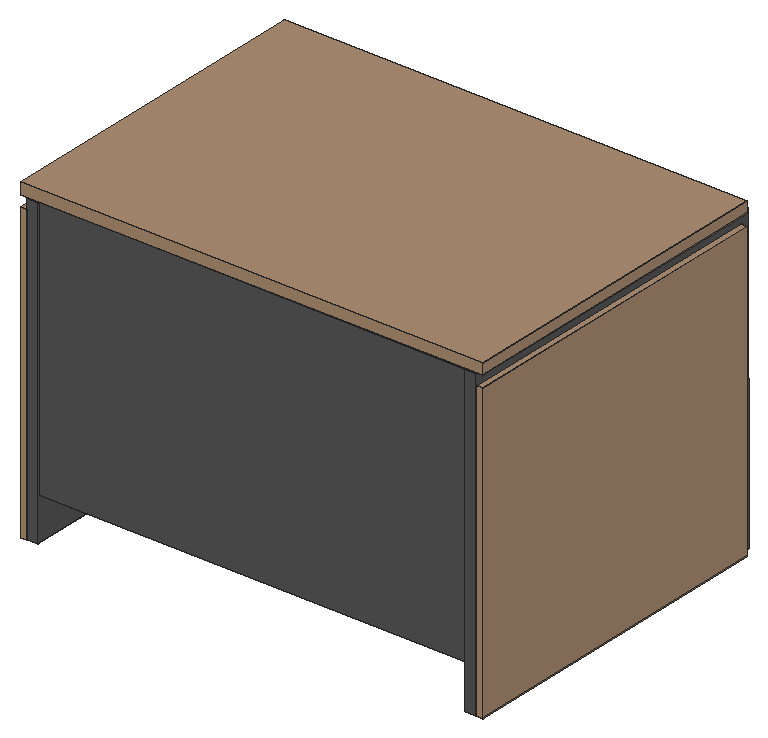
Revit family "Sanitary_Compound-Units_hansgrohe_54257XXX-Xilesa-E-Vanity-unit_680-470_1-drawer_wash-basin", category Furniture, host Face, Revit 2022
Family settings
  Host = Face
  OmniClass Number = 23.21.19.15.33.13
  OmniClass Title = Residential Bathroom Specialty Casework
  Cut with Voids When Loaded = No
  Render Appearance Source = Family Geometry
  Shared = No
  Room Calculation Point = No
Parameters (values of type "550 Cashmere Oak")
  Version = 1  # constant formula
  URL = "https://www.hansgrohe.com/"
  Product data url = "https://www.bimobject.com/en/hansgrohe/product/54257XXX"
  Product Page URL = "https://www.hansgrohe.com/articledetail--54257550"
  Model = "54257XXX"  # constant formula
  Material 3 = Hansgrohe - Metal - Black
  Material 2 = Hansgrohe - MDF - Matt Black
  Material 1 = Hansgrohe - MDF - 550 Cashmere Oak
  Manufacturer = "Hansgrohe"  # constant formula
  Height = 0 mm
  Description = "Xilesa E Vanity unit 680/470 with 1 drawer for wash basin"  # constant formula
  Default Elevation = 0 mm
  Date Updated = ""
  Date Created = "2024/02/03"  # constant formula
Types (5, lengths in mm): name | Material 1
  (no name) | Hansgrohe - MDF - 550 Cashmere Oak
  550 Cashmere Oak | Hansgrohe - MDF - 550 Cashmere Oak
  700 Matt White | Hansgrohe - MDF - 700 Matt White
  760 Slate Matt Grey | Hansgrohe - MDF - 760 Slate Matt Grey
  780 Sand Matt Beige | Hansgrohe - MDF - 780 Sand Matt Beige
Reference planes
  plane 1 "Center (Front/Back)": y = 0
  plane 2: z = 0
  plane 3 "Center (Left/Right)": x = 0
  plane 4: x = -340
  plane 5: x = 340
  plane 6: y = -500
  plane 7: z = 468
Dimensions and locks
  aligned and locked: plane 2 to host face
  aligned and locked: level to host face
Nested families
  nested 1: "54257XXX" at (0, -500, 0) x (1, 0, 0) z (0, 1, 0), Material 1 <- "Material 1", Material 2 <- "Material 2", Material 3 <- "Material 3", type "54257XXX"
    with Material 3 Hansgrohe - Metal - Black, Material 2 Hansgrohe - MDF - Matt Black, Material 1 Hansgrohe - MDF - 550 Cashmere Oak
Definition of nested family "54257XXX"
  Parameters (values of type "54257XXX")
    Version = 1  # constant formula
    URL = "https://www.hansgrohe.com/"
    Product data url = "https://www.bimobject.com/en/hansgrohe/product/54257XXX"
    Product Page URL = "https://www.hansgrohe.com/articledetail--54257550"
    Model = "54257XXX"  # constant formula
    Material 3 [instance] = none
    Material 2 [instance] = none
    Material 1 [instance] = none
    Manufacturer = "Hansgrohe"  # constant formula
    Description = "Xilesa E Vanity unit 680/470 with 1 drawer for wash basin"  # constant formula
    Default Elevation = 1219.2 mm
    Date Updated = ""
    Date Created = "2024/12/16"  # constant formula
  Reference planes
    plane 1 "Center (Front/Back)": y = 0
    plane 2: z = 0
    plane 3 "Center (Left/Right)": x = 0
  Forms (mm)
    Extrusion 1, solid, material <- "Material 1", detail levels medium+fine
      sketch origin (0, 0, 0) x (1, 0, 0) y (0, 1, 0)
        loop
          line (-330.6, 0) -> (-339.2, 0)
          arc (-339.2, 0) -> (-339.766, -0.234) -> (-340, -0.8) r 0.8
          line (-340, -0.8) -> (-340, -433.9)
          arc (-340, -433.9) -> (-339.766, -434.466) -> (-339.2, -434.7) r 0.8
          line (-339.2, -434.7) -> (-330.6, -434.7)
          arc (-330.6, -434.7) -> (-330.034, -434.466) -> (-329.8, -433.9) r 0.8
          line (-329.8, -433.9) -> (-329.8, -0.8)
          arc (-329.8, -0.8) -> (-330.034, -0.234) -> (-330.6, 0) r 0.8
        loop
          arc (330.6, 0) -> (330.034, -0.234) -> (329.8, -0.8) r 0.8
          line (329.8, -0.8) -> (329.8, -433.9)
          arc (329.8, -433.9) -> (330.034, -434.466) -> (330.6, -434.7) r 0.8
          line (330.6, -434.7) -> (339.2, -434.7)
          arc (339.2, -434.7) -> (339.766, -434.466) -> (340, -433.9) r 0.8
          line (340, -433.9) -> (340, -0.8)
          arc (340, -0.8) -> (339.766, -0.234) -> (339.2, 0) r 0.8
          line (339.2, 0) -> (330.6, 0)
      from 0 to 485
    Extrusion 2, solid, material <- "Material 1", detail levels medium+fine
      sketch origin (0, -90, 0) x (1, 0, 0) y (0, 1, 0)
        loop
          line (-339.2, -378) -> (339.2, -378)
          arc (339.2, -378) -> (339.766, -377.766) -> (340, -377.2) r 0.8
          line (340, -377.2) -> (340, -362.5)
          arc (340, -362.5) -> (339.766, -361.934) -> (339.2, -361.7) r 0.8
          line (339.2, -361.7) -> (-339.2, -361.7)
          arc (-339.2, -361.7) -> (-339.766, -361.934) -> (-340, -362.5) r 0.8
          line (-340, -362.5) -> (-340, -377.2)
          arc (-340, -377.2) -> (-339.766, -377.766) -> (-339.2, -378) r 0.8
      from 0 to 485
    Extrusion 3, solid, material <- "Material 2", detail levels medium+fine
      sketch origin (0, 0, 0) x (1, 0, 0) y (0, 1, 0)
        loop
          line (-329.8, -0.8) -> (-329.8, -448.9)
          arc (-329.8, -448.9) -> (-329.566, -449.466) -> (-329, -449.7) r 0.8
          line (-329, -449.7) -> (-314.6, -449.7)
          arc (-314.6, -449.7) -> (-314.034, -449.466) -> (-313.8, -448.9) r 0.8
          line (-313.8, -448.9) -> (-313.8, -0.8)
          arc (-313.8, -0.8) -> (-314.034, -0.234) -> (-314.6, 0) r 0.8
          line (-314.6, 0) -> (-329, 0)
          arc (-329, 0) -> (-329.566, -0.234) -> (-329.8, -0.8) r 0.8
        loop
          arc (329.8, -0.8) -> (329.566, -0.234) -> (329, 0) r 0.8
          line (329, 0) -> (314.6, 0)
          arc (314.6, 0) -> (314.034, -0.234) -> (313.8, -0.8) r 0.8
          line (313.8, -0.8) -> (313.8, -448.9)
          arc (313.8, -448.9) -> (314.034, -449.466) -> (314.6, -449.7) r 0.8
          line (314.6, -449.7) -> (329, -449.7)
          arc (329, -449.7) -> (329.566, -449.466) -> (329.8, -448.9) r 0.8
          line (329.8, -448.9) -> (329.8, -0.8)
      from 0 to 500
    Extrusion 4, solid, material <- "Material 2", detail levels fine
      sketch origin (0, 0, 0) x (1, 0, 0) y (0, 1, 0)
        loop
          line (-313.8, -65.2) -> (-313.8, -81.2) -> (313.8, -81.2) -> (313.8, -65.2) -> (-313.8, -65.2)
      from 17 to 125
    Extrusion 5, solid, material <- "Material 2", detail levels fine
      sketch origin (0, 0, 0) x (1, 0, 0) y (0, 1, 0)
        loop
          line (-313.8, -64.7) -> (-313.8, -449.7) -> (313.8, -449.7) -> (313.8, -64.7) -> (-313.8, -64.7)
      from 1 to 17
    Extrusion 6, solid, material <- "Material 3", detail levels fine
      sketch origin (0, -90, 0) x (1, 0, 0) y (0, 1, 0)
        loop
          line (-312.3, -356.9) -> (-312.3, -329.2) -> (-313.8, -329.2) -> (-313.8, -356.9)
          arc (-313.8, -356.9) -> (-313.126, -358.527) -> (-311.5, -359.2) r 2.3
          line (-311.5, -359.2) -> (311.5, -359.2)
          arc (311.5, -359.2) -> (313.126, -358.527) -> (313.8, -356.9) r 2.3
          line (313.8, -356.9) -> (313.8, -329.2) -> (312.3, -329.2) -> (312.3, -356.9)
          arc (312.3, -356.9) -> (312.066, -357.466) -> (311.5, -357.7) r 0.8
          line (311.5, -357.7) -> (-311.5, -357.7)
          arc (-311.5, -357.7) -> (-312.066, -357.466) -> (-312.3, -356.9) r 0.8
      from 449.5 to 499.5
    Extrusion 7, solid, material <- "Material 2", detail levels fine
      sketch origin (0, 0, 1) x (1, 0, 0) y (0, 0, 1)
        loop
          line (-272.898, 33.98) -> (272.898, 33.98) -> (272.898, 48.98) -> (-272.898, 48.98) -> (-272.898, 33.98)
      from 109.4 to 451.7
    Extrusion 8, solid, material <- "Material 3", detail levels fine
      sketch origin (100, 0, 1) x (1, 0, 0) y (0, 0, 1)
        loop
          line (198.3, 213.03) -> (198.3, 231.03) -> (183.3, 231.03) -> (183.3, 224.03) -> (192.95, 224.03) -> (192.95, 213.03) -> (198.3, 213.03)
      from 88.7 to 362.7
    Extrusion 9, solid, material <- "Material 3", detail levels fine
      sketch origin (100, 0, 1) x (1, 0, 0) y (0, 0, 1)
        loop
          line (200.05, 211.28) -> (200.05, 232.78) -> (181.55, 232.78) -> (181.55, 211.28) -> (200.05, 211.28)
      from 451.7 to 362.7
    Extrusion 10, solid, material <- "Material 3", detail levels fine
      sketch origin (0, 0, 1) x (1, 0, 0) y (0, 0, 1)
        loop
          line (-292.5, 223.8) -> (-292.5, 113.608) -> (-298.2, 97.947) -> (-298.2, 48) -> (-269.9, 48) -> (-269.9, 223.8) -> (-292.5, 223.8)
        loop
          line (292.5, 223.8) -> (269.9, 223.8) -> (269.9, 48) -> (298.2, 48) -> (298.2, 97.947) -> (292.5, 113.608) -> (292.5, 223.8)
      from 91.9 to 109.4
    Extrusion 11, void
      sketch origin (0, 0, 1) x (1, 0, 0) y (0, 0, 1)
        loop
          line (-291.5, 222.8) -> (-291.5, 113.431) -> (-297.2, 97.771) -> (-297.2, 49) -> (-270.9, 49) -> (-270.9, 222.8) -> (-291.5, 222.8)
        loop
          line (291.5, 222.8) -> (270.9, 222.8) -> (270.9, 49) -> (297.2, 49) -> (297.2, 97.771) -> (291.5, 113.431) -> (291.5, 222.8)
      from 91.9 to 108.7
    Extrusion 12, solid, material <- "Material 2", detail levels fine
      sketch origin (0, 0, 1) x (0, 1, 0) y (0, 0, 1)
        loop
          line (-92.7, 32.5) -> (-92.7, 113.5)
          arc (-92.7, 113.5) -> (-92.847, 113.854) -> (-93.2, 114) r 0.5
          line (-93.2, 114) -> (-108.2, 114)
          arc (-108.2, 114) -> (-108.554, 113.854) -> (-108.7, 113.5) r 0.5
          line (-108.7, 113.5) -> (-108.7, 32.5)
          arc (-108.7, 32.5) -> (-108.554, 32.146) -> (-108.2, 32) r 0.5
          line (-108.2, 32) -> (-93.2, 32)
          arc (-93.2, 32) -> (-92.847, 32.146) -> (-92.7, 32.5) r 0.5
      from -270 to 270
    Extrusion 13, solid, material <- "Material 3", detail levels fine
      sketch origin (-100, 0, 1) x (-1, 0, 0) y (0, 0, -1)
        loop
          line (198.3, -213.03) -> (192.95, -213.03) -> (192.95, -224.03) -> (183.3, -224.03) -> (183.3, -231.03) -> (198.3, -231.03) -> (198.3, -213.03)
      from 88.7 to 362.7
    Extrusion 14, solid, material <- "Material 3", detail levels fine
      sketch origin (-100, 0, 1) x (-1, 0, 0) y (0, 0, -1)
        loop
          line (200.05, -211.28) -> (181.55, -211.28) -> (181.55, -232.78) -> (200.05, -232.78) -> (200.05, -211.28)
      from 451.7 to 362.7
    Extrusion 15, solid, material <- "Material 1", detail levels coarse
      sketch origin (0, 0, 0) x (1, 0, 0) y (0, 1, 0)
        loop
          line (-340, -468) -> (340, -468) -> (340, 0) -> (313.8, 0) -> (313.8, -451.7) -> (-313.8, -451.7) -> (-313.8, 0) -> (-340, 0) -> (-340, -468)
      from 0 to 500
    Extrusion 16, solid, material <- "Material 3", detail levels fine
      sketch origin (0, 0, 1) x (1, 0, 0) y (0, 0, 1)
        loop
          line (302.091, 33.98) -> (302.091, 115.48) -> (283.591, 115.48) -> (282.786, 100.114) -> (280.22, 99.98) -> (277.791, 53.623)
          arc (277.791, 53.623) -> (276.271, 50.325) -> (272.898, 48.98) r 4.9
          line (272.898, 48.98) -> (272.898, 33.98) -> (302.091, 33.98)
        loop
          line (-302.091, 33.98) -> (-272.898, 33.98) -> (-272.898, 48.98)
          arc (-272.898, 48.98) -> (-276.271, 50.325) -> (-277.791, 53.623) r 4.9
          line (-277.791, 53.623) -> (-280.22, 99.98) -> (-282.786, 100.114) -> (-283.591, 115.48) -> (-302.091, 115.48) -> (-302.091, 33.98)
      from 109.4 to 451.7
  Cuts and joins
    Extrusion 11 cuts Extrusion 10
  Lines and regions (mm)
    Masking region 1
      outline origin (0, 0, 0) x (1, 0, 0) y (0, 1, 0)
        loop
          line (-340, -0.8) -> (-340, -433.9)
          arc (-340, -433.9) -> (-339.766, -434.466) -> (-339.2, -434.7) r 0.8
          line (-339.2, -434.7) -> (-330.6, -434.7)
          arc (-330.6, -434.7) -> (-330.034, -434.466) -> (-329.8, -433.9) r 0.8
          line (-329.8, -433.9) -> (-329.8, -451.7) -> (-339.2, -451.7)
          arc (-339.2, -451.7) -> (-339.766, -451.934) -> (-340, -452.5) r 0.8
          line (-340, -452.5) -> (-340, -467.2)
          arc (-340, -467.2) -> (-339.766, -467.766) -> (-339.2, -468) r 0.8
          line (-339.2, -468) -> (0, -468) -> (339.2, -468)
          arc (339.2, -468) -> (339.766, -467.766) -> (340, -467.2) r 0.8
          line (340, -467.2) -> (340, -452.5)
          arc (340, -452.5) -> (339.766, -451.934) -> (339.2, -451.7) r 0.8
          line (339.2, -451.7) -> (329.8, -451.7) -> (329.8, -433.9)
          arc (329.8, -433.9) -> (330.034, -434.466) -> (330.6, -434.7) r 0.8
          line (330.6, -434.7) -> (339.2, -434.7)
          arc (339.2, -434.7) -> (339.766, -434.466) -> (340, -433.9) r 0.8
          line (340, -433.9) -> (340, -0.8)
          arc (340, -0.8) -> (339.766, -0.234) -> (339.2, 0) r 0.8
          line (339.2, 0) -> (330.6, 0)
          arc (330.6, 0) -> (330.034, -0.234) -> (329.8, -0.8) r 0.8
          arc (329.8, -0.8) -> (329.566, -0.234) -> (329, 0) r 0.8
          line (329, 0) -> (314.6, 0)
          arc (314.6, 0) -> (314.034, -0.234) -> (313.8, -0.8) r 0.8
          line (313.8, -0.8) -> (313.8, -65.2) -> (0, -65.2) -> (-313.8, -65.2) -> (-313.8, -0.8)
          arc (-313.8, -0.8) -> (-314.034, -0.234) -> (-314.6, 0) r 0.8
          line (-314.6, 0) -> (-329, 0)
          arc (-329, 0) -> (-329.566, -0.234) -> (-329.8, -0.8) r 0.8
          arc (-329.8, -0.8) -> (-330.034, -0.234) -> (-330.6, 0) r 0.8
          line (-330.6, 0) -> (-339.2, 0)
          arc (-339.2, 0) -> (-339.766, -0.234) -> (-340, -0.8) r 0.8
    Masking region 2
      outline origin (0, 0, 0) x (0, 1, 0) y (0, 0, 1)
        loop
          line (-449.7, 500) -> (-449.7, 233.78) -> (-451.7, 233.78) -> (-451.7, 485) -> (-468, 485) -> (-468, 0) -> (-451.7, 0) -> (-451.7, 34.98) -> (-449.7, 34.98) -> (-449.7, 0) -> (0, 0) -> (0, 500) -> (-449.7, 500)
    Masking region 3
      outline origin (0, 0, 0) x (1, 0, 0) y (0, 0, 1)
        loop
          line (-340, 485) -> (-340, 0) -> (0, 0) -> (340, 0) -> (340, 485) -> (329.8, 485) -> (329.8, 500) -> (0, 500) -> (-329.8, 500) -> (-329.8, 485) -> (-340, 485)
    symbolic lines, detail levels medium+fine
      curve 1: line (-329.8, -451.7, 0) -> (0, -451.7, 0)
      curve 2: line (-313.8, -65.2, 0) -> (-313.8, -451.7, 0)
      curve 3: line (-329.8, -0.8, 0) -> (-329.8, -433.9, 0)
      curve 4: line (-313.8, -81.2, 0) -> (0, -81.2, 0)
      curve 25: line (329.8, -451.7, 0) -> (0, -451.7, 0)
      curve 26: line (313.8, -65.2, 0) -> (313.8, -451.7, 0)
      curve 27: line (329.8, -0.8, 0) -> (329.8, -433.9, 0)
      curve 28: line (313.8, -81.2, 0) -> (0, -81.2, 0)
      curve 49: line (0, -451.7, 34.98) -> (0, -451.7, 233.78)
      curve 50: line (0, -449.7, 233.78) -> (0, -449.7, 34.98)
      curve 53: line (0, -451.7, 211.28) -> (0, -449.7, 211.28)
      curve 54: line (0, -451.7, 116.48) -> (0, -449.7, 116.48)
      curve 55: line (-329.8, 0, 485) -> (329.8, 0, 485)
      curve 56: line (-313.8, 0, 500) -> (-313.8, 0, 485)
      curve 57: line (313.8, 0, 500) -> (313.8, 0, 485)
    symbolic lines, detail levels fine
      curve 5: line (-302.091, -81.2, 0) -> (-302.091, -447.7, 0)
      curve 6: line (-280.22, -81.2, 0) -> (-280.22, -91.9, 0)
      curve 7: line (0, -91.9, 0) -> (-283.3, -91.9, 0)
      curve 8: line (-283.3, -109.4, 0) -> (0, -109.4, 0)
      curve 9: line (-298.3, -88.7, 0) -> (-298.3, -361.7, 0)
      curve 10: line (-283.3, -88.7, 0) -> (-298.3, -88.7, 0)
      curve 11: line (-300.05, -361.7, 0) -> (-300.05, -447.7, 0)
      curve 12: line (-300.05, -361.7, 0) -> (-281.55, -361.7, 0)
      curve 13: line (-281.55, -361.7, 0) -> (-281.55, -447.7, 0)
      curve 14: line (0, -447.7, 0) -> (-311.5, -447.7, 0)
      curve 15: arc (-311.5, -447.7, 0) -> (-312.066, -447.466, 0) -> (-312.3, -446.9, 0) r 0.8
      curve 16: line (-312.3, -446.9, 0) -> (-312.3, -419.2, 0)
      curve 17: line (-312.3, -419.2, 0) -> (-313.8, -419.2, 0)
      curve 18: arc (-313.8, -446.9, 0) -> (-313.126, -448.527, 0) -> (-311.5, -449.2, 0) r 2.3
      curve 19: line (-311.5, -449.2, 0) -> (0, -449.2, 0)
      curve 20: line (-302.091, -449.2, 0) -> (-302.091, -451.7, 0)
      curve 21: line (-300.05, -449.2, 0) -> (-300.05, -451.7, 0)
      curve 22: line (-283.3, -361.7, 0) -> (-283.3, -88.7, 0)
      curve 23: line (-281.55, -449.2, 0) -> (-281.55, -451.7, 0)
      curve 24: line (-280.22, -449.2, 0) -> (-280.22, -451.7, 0)
      curve 29: line (302.091, -81.2, 0) -> (302.091, -447.7, 0)
      curve 30: line (280.22, -81.2, 0) -> (280.22, -91.9, 0)
      curve 31: line (0, -91.9, 0) -> (283.3, -91.9, 0)
      curve 32: line (283.3, -109.4, 0) -> (0, -109.4, 0)
      curve 33: line (298.3, -88.7, 0) -> (298.3, -361.7, 0)
      curve 34: line (283.3, -88.7, 0) -> (298.3, -88.7, 0)
      curve 35: line (300.05, -361.7, 0) -> (300.05, -447.7, 0)
      curve 36: line (300.05, -361.7, 0) -> (281.55, -361.7, 0)
      curve 37: line (281.55, -361.7, 0) -> (281.55, -447.7, 0)
      curve 38: line (0, -447.7, 0) -> (311.5, -447.7, 0)
      curve 39: arc (311.5, -447.7, 0) -> (312.066, -447.466, 0) -> (312.3, -446.9, 0) r 0.8
      curve 40: line (312.3, -446.9, 0) -> (312.3, -419.2, 0)
      curve 41: line (312.3, -419.2, 0) -> (313.8, -419.2, 0)
      curve 42: arc (313.8, -446.9, 0) -> (313.126, -448.527, 0) -> (311.5, -449.2, 0) r 2.3
      curve 43: line (311.5, -449.2, 0) -> (0, -449.2, 0)
      curve 44: line (302.091, -449.2, 0) -> (302.091, -451.7, 0)
      curve 45: line (300.05, -449.2, 0) -> (300.05, -451.7, 0)
      curve 46: line (283.3, -361.7, 0) -> (283.3, -88.7, 0)
      curve 47: line (281.55, -449.2, 0) -> (281.55, -451.7, 0)
      curve 48: line (280.22, -449.2, 0) -> (280.22, -451.7, 0)
      curve 51: line (0, 0, 485) -> (0, -434.7, 485)
      curve 52: line (0, -434.7, 485) -> (0, -434.7, 0)
      curve 58: line (-280.22, -109.4, 0) -> (-280.22, -447.7, 0)
      curve 59: line (280.22, -109.4, 0) -> (280.22, -447.7, 0)
  Dimensions and locks
    aligned and locked: level to plane 2
